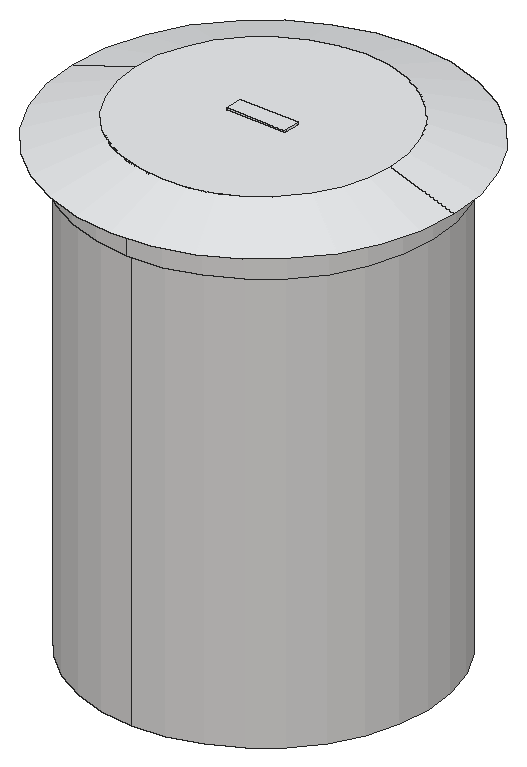
Revit family "AD-C42T", category Communication Devices, host Face, Revit 2012
Parameters (values of type "AD-C42T")
  Width = Grille Radius Base * 2  # 7.5"
  Weight Product (lb) = 6.1
  Weight Product (kg) = 2.7
  Weight Dimensional (lb) = 18
  Weight Dimensional (kg) = 8.2
  URL = "http://www.qscaudio.com/products/speakers/acoustic_design/c_series/ad_c42t.htm"
  Sensitivity = 88
  SPL Max = 110
  Regulatory Compliance = "RoHS, UL1480, UL2043"
  Product Page URL = "http://www.qscaudio.com/products/speakers/acoustic_design/c_series/ad_c42t.htm"
  Product Documentation Link = "http://media.qscaudio.com/pdfs/Specifications/AD_C42T_spec.pdf"
  Power Handling = 40
  Model = "AD-C42T"
  Middle Radius = 3.35"
  Middle Depth = 0.583"
  Manufacturer URL = "www.qscaudio.com"
  Manufacturer = "QSC Audio Products, LLC"
  Logo Material [instance] = White Powder Coated Finish
  Impedance = 8
  Grille Radius Extent = 2.51"
  Grille Radius Base = 3.75"
  Grille Material [instance] = White Powder Coated Mesh
  Grille Depth = 0.4"
  Enclosure Radius = 3.242"
  Enclosure Depth = 8.317"
  Description = "4\" Compact 2-way Loudspeaker Element"
  Depth = Grille Depth + Middle Depth + Enclosure Depth  # 9.3"
  Default Elevation = 48"
  Coverage Vertical = 90.00°
  Coverage Horizontal = 90.00°
  70V Taps = "30, 15, 7.5, 3.8"
  100V Taps = "30, 15, 7.5"
Reference planes (in)
  plane 1 "Center (Front/Back)": y = 0
  plane 2: z = 0
  plane 3 "Center (Left/Right)": x = 0
  plane 4 "Grill Extent": z = 0.4
  plane 5 "Enclosure Extent": z = -8.9
  plane 6 "Middle Extent": z = -0.583
Forms (in)
  Extrusion 1, solid, material "Steel"
    sketch origin (0, 0, -0.583) x (0, 1, 0) y (-1, 0, 0)
      loop
        circle (0, 0) r 3.35
    from 0 to 0.583 <- "Middle Depth"
  Extrusion 2, solid, material "Steel"
    sketch origin (0, 0, -8.9) x (0, 1, 0) y (-1, 0, 0)
      loop
        circle (0, 0) r 3.242
    from 0 to 8.317 <- "Enclosure Depth"
  Blend 3, solid, material "White Powder Coated Mesh" <- "Grille Material"
    base sketch origin (0, 0, 0) x (1, 0, 0) y (0, 1, 0)
      loop
        circle (0, 0) r 3.75
    top sketch origin (0, 0, 0) x (1, 0, 0) y (0, 1, 0)
      loop
        circle (0, 0) r 2.51
    from 0 to 0.4 <- "Grille Depth"
  Extrusion 4, solid, material "White Powder Coated Finish" <- "Logo Material"
    sketch origin (-7.192, -0.9574, 0.4) x (0, 1, 0) y (-1, 0, 0)
      loop
        arc (1.11292, -6.6296) -> (1.10706, -6.61546) -> (1.09292, -6.6096) r 0.02
        line (1.09292, -6.6096) -> (0.79179, -6.6096)
        arc (0.79179, -6.6096) -> (0.77765, -6.61546) -> (0.77179, -6.6296) r 0.02
        line (0.77179, -6.6296) -> (0.77179, -7.7373)
        arc (0.77179, -7.7373) -> (0.77765, -7.75144) -> (0.79179, -7.7573) r 0.02
        line (0.79179, -7.7573) -> (1.09292, -7.7573)
        arc (1.09292, -7.7573) -> (1.10706, -7.75144) -> (1.11292, -7.7373) r 0.02
        line (1.11292, -7.7373) -> (1.11292, -6.6296)
    from 0 to 0.03125
Lines and regions (in)
  model lines
    curve 1: line (0.07625, -0.06087, 0.43125) -> (-0.01101, 0.05409, 0.43125)
    curve 2: line (-0.01101, 0.05409, 0.43125) -> (0.07625, -0.06087, 0.43125)
    curve 3: line (-0.32737, -0.04652, 0.43125) -> (-0.2944, 0.07207, 0.43125)
    curve 4: line (-0.2944, 0.07207, 0.43125) -> (-0.32737, -0.04652, 0.43125)
    curve 5: line (-0.2723, -0.12504, 0.43125) -> (-0.29691, 0.09442, 0.43125)
    curve 6: line (-0.29691, 0.09442, 0.43125) -> (-0.2723, -0.12504, 0.43125)
    curve 7: line (0.19309, 0.0285, 0.43125) -> (0.2709, -0.02866, 0.43125)
    curve 8: line (0.2709, -0.02866, 0.43125) -> (0.19309, 0.0285, 0.43125)
Dimensions and locks (in)
  "Grille Depth": plane 4 "Grill Extent" to plane 2
  "Middle Depth": plane 6 "Middle Extent" to plane 2
  "Enclosure Depth": plane 5 "Enclosure Extent" to plane 6 "Middle Extent"
  "Middle Radius": radius of Extrusion 1 sketch curve
  "Enclosure Radius": radius of Extrusion 2 sketch curve
  "Grille Radius Base": radius of Blend 3 sketch curve
  "Grille Radius Extent": radius of Blend 3 sketch curve
  aligned and locked: plane 2 to host face
  aligned and locked: level to host face
Automatic sketch dimensions
  host sketch curve to host sketch curve = 9.12694"
  host sketch curve to host sketch curve = 9.0437"
  plane 1 "Center (Front/Back)" to Extrusion 1 sketch curve = 0"
  Extrusion 1 sketch curve to plane 3 "Center (Left/Right)" = 0"
  plane 1 "Center (Front/Back)" to Extrusion 2 sketch curve = 0"
  Extrusion 2 sketch curve to plane 3 "Center (Left/Right)" = 0"
  plane 1 "Center (Front/Back)" to Blend 3 sketch curve = 0"  (x2)
  Blend 3 sketch curve to plane 3 "Center (Left/Right)" = 0"  (x2)
  plane 1 "Center (Front/Back)" to Extrusion 4 sketch curve = 0.18561"
  Extrusion 4 sketch curve to Extrusion 4 sketch curve = 0.02"  (x3)
  Extrusion 4 sketch curve to Extrusion 4 sketch curve = 0.30113"  (x2)
  plane 3 "Center (Left/Right)" to Extrusion 4 sketch curve = 0.5653"
  Extrusion 4 sketch curve to Extrusion 4 sketch curve = 1.1077"
  curve 6 to Extrusion 4 = 0.06057"
  curve 5 to curve 6 = 0"  (x3)
  curve 1 to Extrusion 4 = 0.12474"
  curve 2 to curve 1 = 0"  (x3)
  curve 6 to curve 4 = 0.07852"
  curve 3 to curve 4 = 0"  (x3)
  curve 7 to Extrusion 4 = 0.15694"
  curve 8 to curve 7 = 0"  (x3)
  curve 8 to curve 7 = 0.05717"
  curve 1 to Extrusion 4 = 0.10143"
  curve 3 to curve 6 = 0.02235"
  curve 8 to Extrusion 4 = 0.2944"
  curve 7 to curve 8 = 0"
  curve 8 to curve 7 = 0.07781"
  curve 7 to curve 2 = 0.11684"
  curve 1 to curve 2 = 0"
  curve 1 to curve 1 = 0.08726"
  curve 6 to Extrusion 4 = 0.3101"
  curve 5 to curve 4 = 0.0221"
  curve 3 to curve 5 = 0.00251"
  curve 6 to curve 5 = 0"
  curve 6 to curve 4 = 0.05507"
Connectors (in)
  cabletrayconduit at (0, 0, -8.9)
    settings: on Extrusion 2, index 1, connector width 12", connector height 12", connector radius 12", connector angle 0.00°, system type 32, placement type 1, profile type 0, connector reference index -1, is primary connector yes, connector utility param no, connector description "Concentric 1/2\" and 3/4\" Knockouts"
  electrical at (0, 0, -8.9)
    settings: on Extrusion 2, index 2, voltage 0 V, apparent load 0 VA, apparent load phase1 0 VA, apparent load phase2 0 VA, apparent load phase3 0 VA, power factor 1, load classification "Other", number of poles 1, system type 14, power factor state 1, is connector primary yes, connector utility no, sub classification motor no, connector description "Speaker"
